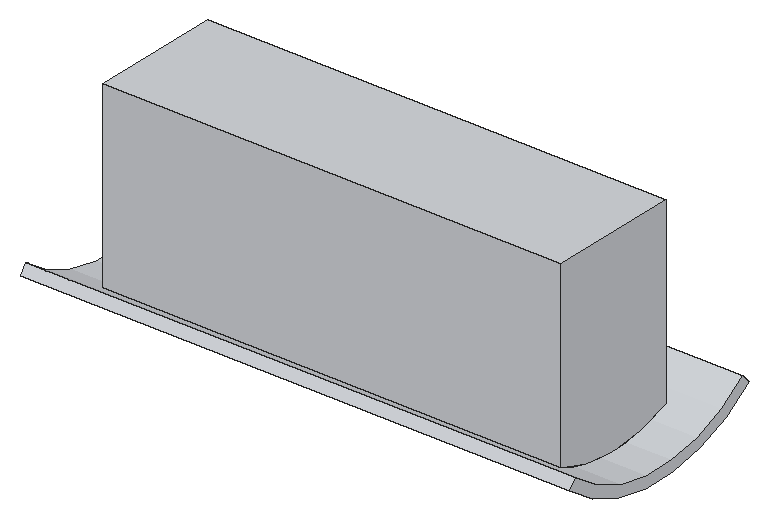
Revit family "M_Grelha de Suprimento - Deflexão Única - Pescoço Retangular de Face Curva", category Terminais de ar, Revit 2019
Family settings
  Cota do conector redondo = Utilizar diâmetro
  Tipo de parte = Normal
  Com base no plano de trabalho = Não
  Sempre na vertical = Sim
  Corte com vazios quando carregada = Não
  Compartilhado = Não
  Ponto de cálculo do ambiente = Não
Parameters (values of type "Padrão")
  Largura 3 = Altura do duto * 0.25 * tan(asin(Altura do duto * 0.25 / Raio 2) * 0.5)  # 1.419 mm
  Largura 1 = Espessura do painel * sin(Ângulo 3 * 0.5)  # 3.188 mm
  Largura = 75 mm
  Raio 2 = Raio 1 + Espessura do painel  # 80 mm
  Raio 1 = Diâmetro do duto * 0.5  # 75 mm
  Raio = (Altura do duto * 0.5) / cos(Ângulo 1) / sin(Ângulo 1)  # 100 mm
  Queda de pressão [instance] = 8.0 Pa
  Espessura do painel = 5 mm  # constant formula
  Comprimento 1 = Largura do duto / 6  # 35 mm
  Largura 2 = Altura do duto * 0.5 * tan(asin(Altura do duto * 0.5 / Raio 2) * 0.5)  # 5.838 mm
  Comprimento = 225 mm
  Altura 1 = if(Altura > Altura da grelha - Espessura do painel, Altura + 25 mm, Altura da grelha)  # 95 mm
  Altura = Altura do duto * 0.5 * tan(asin(Altura do duto * 0.5 / (Diâmetro do duto * 0.5 - Espessura do painel)) * 0.5)  # 6.754 mm
  Material da grelha = none
  Largura do duto = Comprimento - 15 mm  # 210 mm
  Altura do duto = Largura - 15 mm  # 60 mm
  Largura da grelha = Largura + 27 mm  # 102 mm
  Diâmetro do duto = 150 mm
  Comprimento da grelha = Comprimento + 27 mm  # 252 mm
  Altura da grelha = 95 mm
  Ângulo 3 = asin((Largura da grelha * 0.5) / Raio 2) * 2  # 79.2113°
  Ângulo 2 = atan(Largura 2 / (Altura do duto * 0.5)) * 4  # 44.0486°
  Ângulo 1 = atan((Altura da grelha - Espessura do painel) / (Altura do duto * 0.5))  # 71.5651°
  Fluxo de ar [instance] = 25.0 L/s
Reference planes
  plane 1 "Centro (Frente/Trás)": y = 0
  plane 2: z = 0
  plane 3 "Centro (Esquerda/Direita)": x = 0
  plane 4: z = 90
  plane 5: z = -5
  plane 6: x = -105
  plane 7: x = 105
  plane 8: y = 30
  plane 9: y = -30
  plane 10: z = 75
  plane 11: x = 126
  plane 12: x = -126
  plane 13: y = 51
  plane 14: y = -51
  plane 15: x = -35
  plane 16: x = 35
  plane 17: z = 0.838
  plane 18: z = 4.862
  plane 19: z = -3.581
  plane 20: z = 6.754
  plane 21: x = 70
  plane 22: x = -70
  plane 23: y = 47.812
  plane 24: y = -47.813
Forms (mm)
  Extrusion 1, solid, material <- "Material da grelha"
    sketch origin (105, -4572, 2609.058) x (0, 0, 1) y (0, -1, 0)
      loop
        line (-2519.058, -4602) -> (-2519.058, -4542) -> (-2602.797, -4542)
        arc (-2602.797, -4542) -> (-2609.058, -4572) -> (-2602.797, -4602) r 75
        line (-2602.797, -4602) -> (-2519.058, -4602)
    from -210 to 0
  Extrusion 2, solid, material <- "Material da grelha"
    sketch origin (105, -4572, 2609.058) x (0, 0, 1) y (0, -1, 0)
      loop
        line (-2595.702, -4622.99) -> (-2591.85, -4619.803)
        arc (-2591.85, -4619.803) -> (-2609.058, -4571.994) -> (-2591.842, -4524.187) r 75
        line (-2591.842, -4524.187) -> (-2595.686, -4520.99)
        arc (-2595.686, -4520.99) -> (-2614.058, -4571.987) -> (-2595.702, -4622.99) r 80
    from -231 to 21
Cuts and joins
  joined: Extrusion 1, Extrusion 2
Lines and regions (mm)
  model lines
    curve 1: arc (35, 30, 0.838) -> (35, 0, -5) -> (35, -30, 0.838) r 80
    curve 2: arc (105, 30, 0.838) -> (105, 0, -5) -> (105, -30, 0.838) r 80
    curve 3: line (105, 30, 0.838) -> (-105, 30, 0.838)
    curve 4: line (105, -30, 0.838) -> (-105, -30, 0.838)
    curve 12: arc (0, -30, 0.838) -> (0, 0, -5) -> (0, 30, 0.838) r 80
    curve 13: arc (-35, -30, 0.838) -> (-35, 0, -5) -> (-35, 30, 0.838) r 80
    curve 14: arc (-105, 30, 0.838) -> (-105, 0, -5) -> (-105, -30, 0.838) r 80
    curve 15: arc (70, -30, 0.838) -> (70, 0, -5) -> (70, 30, 0.838) r 80
    curve 16: arc (-70, 30, 0.838) -> (-70, 0, -5) -> (-70, -30, 0.838) r 80
  symbolic lines
    curve 5: line (0, 30, 0.838) -> (0, -30, 0.838)
    curve 6: line (35, 30, 0.838) -> (35, -30, 0.838)
    curve 7: line (-35, 30, 0.838) -> (-35, -30, 0.838)
    curve 8: line (-126, 51, 0.838) -> (126, 51, 0.838)
    curve 9: line (-126, -51, 0.838) -> (-126, 51, 0.838)
    curve 10: line (126, -51, 0.838) -> (-126, -51, 0.838)
    curve 11: line (126, 51, 0.838) -> (126, -51, 0.838)
Dimensions and locks
  equal spacing: plane 8, plane 1 "Centro (Frente/Trás)", plane 9
  "Altura do duto": plane 8 to plane 9
  equal spacing: plane 6, plane 3 "Centro (Esquerda/Direita)", plane 7
  "Largura do duto": plane 6 to plane 7
  equal spacing: plane 13, plane 1 "Centro (Frente/Trás)", plane 14
  "Largura da grelha": plane 13 to plane 14
  "Espessura do painel": plane 2 to plane 5
  "Altura 1": plane 4 to plane 5
  "Raio 1": plane 10 to plane 2
  equal spacing: plane 12, plane 3 "Centro (Esquerda/Direita)", plane 11
  "Comprimento da grelha": plane 12 to plane 11
  "Comprimento 1": plane 15 to plane 3 "Centro (Esquerda/Direita)"
  "Comprimento 1": plane 3 "Centro (Esquerda/Direita)" to plane 16
  "Largura 2": plane 17 to plane 5
  "Largura 3": plane 19 to plane 5
  "Altura": plane 20 to plane 2
  "Comprimento 1": plane 6 to plane 22
  "Comprimento 1": plane 21 to plane 7
  "Largura 1": plane 13 to plane 23
  "Largura 1": plane 24 to plane 14
  "Raio 2": radius of curve 1
  "Raio 2": radius of curve 2
  "Raio 1": radius of Extrusion 1 sketch curve
  "Raio 2": radius of Extrusion 2 sketch curve
  "Raio 2": radius of curve 12
  "Raio 2": radius of curve 13
  "Raio 2": radius of curve 14
  "Raio 1": radius of Extrusion 2 sketch curve
  "Raio 2": radius of curve 15
  "Raio 2": radius of curve 16
  "Ângulo 2": angle curve 13 to curve 13
  "Ângulo 2": angle curve 14 to curve 14
  "Ângulo 2": angle curve 12 to curve 12
  "Ângulo 2": angle curve 1 to curve 1
  "Ângulo 2": angle curve 2 to curve 2
  "Ângulo 3": angle Extrusion 2 sketch curve to Extrusion 2 sketch curve
  "Ângulo 2": angle curve 15 to curve 15
  "Ângulo 2": angle curve 16 to curve 16
  aligned and locked: plane 2 to level
  aligned and locked: plane 10 to curve 1
  aligned and locked: plane 1 "Centro (Frente/Trás)" to curve 1
  aligned and locked: plane 10 to curve 2
  aligned and locked: plane 1 "Centro (Frente/Trás)" to curve 2
  aligned and locked: plane 6 to curve 3
  aligned and locked: plane 7 to curve 3
  aligned and locked: curve 4 to plane 9
  aligned and locked: plane 8 to curve 3
  aligned and locked: plane 8 to curve 5
  aligned and locked: plane 9 to curve 5
  aligned and locked: plane 16 to curve 6
  aligned and locked: curve 5 to plane 3 "Centro (Esquerda/Direita)"
  aligned and locked: curve 7 to plane 15
  aligned and locked: curve 10 to plane 14
  aligned and locked: curve 11 to plane 11
  aligned and locked: curve 8 to plane 13
  aligned and locked: plane 12 to curve 9
  aligned and locked: plane 8 to Extrusion 1 sketch curve
  aligned and locked: Extrusion 1 sketch curve to plane 4
  aligned and locked: plane 4 to Extrusion 1 sketch curve
  aligned and locked: plane 10 to Extrusion 1 sketch curve
  aligned and locked: plane 1 "Centro (Frente/Trás)" to Extrusion 1 sketch curve
  aligned and locked: Extrusion 1 sketch curve to plane 9
  aligned and locked: plane 10 to Extrusion 2 sketch curve  (x2)
  aligned and locked: plane 1 "Centro (Frente/Trás)" to Extrusion 2 sketch curve  (x2)
  aligned and locked: Extrusion 2 to plane 12
  aligned and locked: plane 11 to Extrusion 2
  aligned and locked: Extrusion 1 to plane 6
  aligned and locked: plane 7 to Extrusion 1
  aligned and locked: plane 1 "Centro (Frente/Trás)" to curve 12
  aligned and locked: plane 10 to curve 14
  aligned and locked: plane 1 "Centro (Frente/Trás)" to curve 14
  aligned and locked: plane 10 to curve 13
  aligned and locked: plane 1 "Centro (Frente/Trás)" to curve 13
  aligned and locked: plane 24 to Extrusion 2 sketch curve
  aligned and locked: plane 10 to curve 15
  aligned and locked: plane 1 "Centro (Frente/Trás)" to curve 15
  aligned and locked: plane 10 to curve 16
  aligned and locked: plane 1 "Centro (Frente/Trás)" to curve 16
Automatic sketch dimensions
  curve 4 to plane 7 = 0 mm
  curve 4 to plane 6 = 0 mm
  curve 12 to plane 9 = 0 mm
  curve 12 to plane 17 = 0 mm
  curve 14 to plane 8 = 0 mm
  curve 2 to plane 8 = 0 mm
  curve 1 to plane 8 = 0 mm
  curve 13 to plane 9 = 0 mm
  Extrusion 2 sketch curve to plane 14 = 0 mm
  Extrusion 2 sketch curve to plane 13 = 0.01 mm
  Extrusion 2 sketch curve to plane 23 = 0.01 mm
  curve 15 to plane 9 = 0 mm
  curve 16 to plane 8 = 0 mm
Connectors
  hvac at (0, 0, 90), driven by "Queda de pressão", driven by "Fluxo de ar", driven by "Altura do duto", driven by "Largura do duto"
    settings: on cut or joined group of Extrusion 1, Extrusion 2, index 1, duct flow 25.0 L/s, flow factor 0, pres drop 8.0 Pa, loss coef 0, conn angle 0.00°, conn width 210 mm, conn height 60 mm, conn diameter 609.6 mm, duct sys type 1, conn prof type 1, flow config 1, flow direction 1, loss method 4, conn ref index -1, conn util no, is conn primary yes, conn desc "In"
Types in the file's own list only (23): name | Largura 3 | Largura 1 | Largura | Raio 2 | Raio 1 | Raio | Comprimento 1 | Largura 2 | Comprimento | Altura 1 | Altura | Largura do duto | Altura do duto | Largura da grelha | Diâmetro do duto | Comprimento da grelha | Altura da grelha | Ângulo 3 | Ângulo 2 | Ângulo 1
  Conexão de 210x60 para Duto de 250 de Diâmetro | 1 mm | 2 mm | 75 mm | 130 mm | 125 mm | 100 mm | 35 mm | 4 mm | 225 mm | 95 mm | 4 mm | 210 mm | 60 mm | 102 mm | 250 mm | 252 mm | 95 mm | 46.20° | 26.68° | 71.57°
  Conexão de 310x60 para Duto de 250 de Diâmetro | 1 mm | 2 mm | 75 mm | 130 mm | 125 mm | 111 mm | 52 mm | 4 mm | 325 mm | 107 mm | 4 mm | 310 mm | 60 mm | 102 mm | 250 mm | 352 mm | 107 mm | 46.20° | 26.68° | 73.61°
  Conexão de 410x60 para Duto de 250 de Diâmetro | 1 mm | 2 mm | 75 mm | 130 mm | 125 mm | 122 mm | 68 mm | 4 mm | 425 mm | 119 mm | 4 mm | 410 mm | 60 mm | 102 mm | 250 mm | 452 mm | 119 mm | 46.20° | 26.68° | 75.26°
  Conexão de 510x60 para Duto de 250 de Diâmetro | 1 mm | 2 mm | 75 mm | 130 mm | 125 mm | 133 mm | 85 mm | 4 mm | 525 mm | 131 mm | 4 mm | 510 mm | 60 mm | 102 mm | 250 mm | 552 mm | 131 mm | 46.20° | 26.68° | 76.61°
  Conexão de 610x60 para Duto de 250 de Diâmetro | 1 mm | 2 mm | 75 mm | 130 mm | 125 mm | 145 mm | 102 mm | 4 mm | 625 mm | 143 mm | 4 mm | 610 mm | 60 mm | 102 mm | 250 mm | 652 mm | 143 mm | 46.20° | 26.68° | 77.74°
  Conexão de 810x60 para Duto de 250 de Diâmetro | 1 mm | 2 mm | 75 mm | 130 mm | 125 mm | 163 mm | 135 mm | 4 mm | 825 mm | 162 mm | 4 mm | 810 mm | 60 mm | 102 mm | 250 mm | 852 mm | 162 mm | 46.20° | 26.68° | 79.18°
  Conexão de 1010x60 para Duto de 250 de Diâmetro | 1 mm | 2 mm | 75 mm | 130 mm | 125 mm | 191 mm | 168 mm | 4 mm | 1025 mm | 191 mm | 4 mm | 1010 mm | 60 mm | 102 mm | 250 mm | 1052 mm | 191 mm | 46.20° | 26.68° | 80.84°
  Conexão de 1210x60 para Duto de 250 de Diâmetro | 1 mm | 2 mm | 75 mm | 130 mm | 125 mm | 214 mm | 202 mm | 4 mm | 1225 mm | 215 mm | 4 mm | 1210 mm | 60 mm | 102 mm | 250 mm | 1252 mm | 215 mm | 46.20° | 26.68° | 81.87°
  Conexão de 210x110 para Duto de 600 de Diâmetro | 1 mm | 1 mm | 125 mm | 305 mm | 300 mm | 126 mm | 35 mm | 5 mm | 225 mm | 99 mm | 5 mm | 210 mm | 110 mm | 152 mm | 600 mm | 252 mm | 99 mm | 28.86° | 20.78° | 59.67°
  Conexão de 310x110 para Duto de 600 de Diâmetro | 1 mm | 1 mm | 125 mm | 305 mm | 300 mm | 135 mm | 52 mm | 5 mm | 325 mm | 111 mm | 5 mm | 310 mm | 110 mm | 152 mm | 600 mm | 352 mm | 111 mm | 28.86° | 20.78° | 62.58°
  Conexão de 410x110 para Duto de 600 de Diâmetro | 1 mm | 1 mm | 125 mm | 305 mm | 300 mm | 144 mm | 68 mm | 5 mm | 425 mm | 123 mm | 5 mm | 410 mm | 110 mm | 152 mm | 600 mm | 452 mm | 123 mm | 28.86° | 20.78° | 65.01°
  Conexão de 510x110 para Duto de 600 de Diâmetro | 1 mm | 1 mm | 125 mm | 305 mm | 300 mm | 153 mm | 85 mm | 5 mm | 525 mm | 135 mm | 5 mm | 510 mm | 110 mm | 152 mm | 600 mm | 552 mm | 135 mm | 28.86° | 20.78° | 67.07°
  Conexão de 610x110 para Duto de 600 de Diâmetro | 1 mm | 1 mm | 125 mm | 305 mm | 300 mm | 163 mm | 102 mm | 5 mm | 625 mm | 147 mm | 5 mm | 610 mm | 110 mm | 152 mm | 600 mm | 652 mm | 147 mm | 28.86° | 20.78° | 68.83°
  Conexão de 810x110 para Duto de 600 de Diâmetro | 1 mm | 1 mm | 125 mm | 305 mm | 300 mm | 184 mm | 135 mm | 5 mm | 825 mm | 171 mm | 5 mm | 810 mm | 110 mm | 152 mm | 600 mm | 852 mm | 171 mm | 28.86° | 20.78° | 71.67°
  Conexão 1010x110 para Duto de 600 de Diâmetro | 1 mm | 1 mm | 125 mm | 305 mm | 300 mm | 206 mm | 168 mm | 5 mm | 1025 mm | 195 mm | 5 mm | 1010 mm | 110 mm | 152 mm | 600 mm | 1052 mm | 195 mm | 28.86° | 20.78° | 73.86°
  Conexão de 1210x110 para Duto de 600 de Diâmetro | 1 mm | 1 mm | 125 mm | 305 mm | 300 mm | 221 mm | 202 mm | 5 mm | 1225 mm | 211 mm | 5 mm | 1210 mm | 110 mm | 152 mm | 600 mm | 1252 mm | 211 mm | 28.86° | 20.78° | 75.05°
  Conexão de 310x210 para Duto de 1.000 de Diâmetro | 3 mm | 1 mm | 225 mm | 505 mm | 500 mm | 211 mm | 52 mm | 11 mm | 325 mm | 123 mm | 11 mm | 310 mm | 210 mm | 252 mm | 1000 mm | 352 mm | 123 mm | 28.90° | 24.00° | 48.34°
  Conexão de 410x210 para Duto de 1.000 de Diâmetro | 3 mm | 1 mm | 225 mm | 505 mm | 500 mm | 215 mm | 68 mm | 11 mm | 425 mm | 136 mm | 11 mm | 410 mm | 210 mm | 252 mm | 1000 mm | 452 mm | 136 mm | 28.90° | 24.00° | 51.29°
  Conexão de 510x210 para Duto de 1.000 de Diâmetro | 3 mm | 1 mm | 225 mm | 505 mm | 500 mm | 220 mm | 85 mm | 11 mm | 525 mm | 147 mm | 11 mm | 510 mm | 210 mm | 252 mm | 1000 mm | 552 mm | 147 mm | 28.90° | 24.00° | 53.52°
  Conexão de 610x210 para Duto de 1.000 de Diâmetro | 3 mm | 1 mm | 225 mm | 505 mm | 500 mm | 226 mm | 102 mm | 11 mm | 625 mm | 159 mm | 11 mm | 610 mm | 210 mm | 252 mm | 1000 mm | 652 mm | 159 mm | 28.90° | 24.00° | 55.71°
  Conexão de 810x210 para Duto de 1.000 de Diâmetro | 3 mm | 1 mm | 225 mm | 505 mm | 500 mm | 240 mm | 135 mm | 11 mm | 825 mm | 183 mm | 11 mm | 810 mm | 210 mm | 252 mm | 1000 mm | 852 mm | 183 mm | 28.90° | 24.00° | 59.46°
  Conexão de 1010x210 para Duto de 1.000 de Diâmetro | 3 mm | 1 mm | 225 mm | 505 mm | 500 mm | 257 mm | 168 mm | 11 mm | 1025 mm | 207 mm | 11 mm | 1010 mm | 210 mm | 252 mm | 1000 mm | 1052 mm | 207 mm | 28.90° | 24.00° | 62.53°
  Conexão de1210x210 para Duto de 1.000 de Diâmetro | 3 mm | 1 mm | 225 mm | 505 mm | 500 mm | 275 mm | 202 mm | 11 mm | 1225 mm | 231 mm | 11 mm | 1210 mm | 210 mm | 252 mm | 1000 mm | 1252 mm | 231 mm | 28.90° | 24.00° | 65.08°
